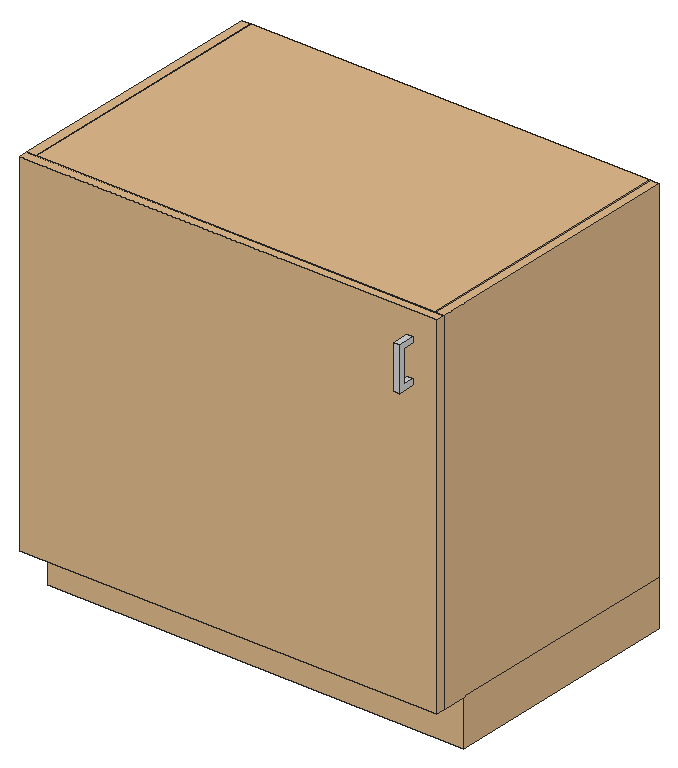
Revit family "121", category Casework, Revit 2022
Family settings
  Work Plane-Based = No
  Always vertical = Yes
  Cut with Voids When Loaded = No
  Shared = No
  Room Calculation Point = No
Parameters (values of type "121")
  URL = "www.wicnet.org/manual_sections.asp"
  Top Panel Material = none
  Toe Panel Material = none
  Side Panel Material = none
  Shelf Panel Material = none
  NAAWS Width = (Width / 1' 0") * 12  # 36
  NAAWS Height = ((Height + Counter Thickness) / 1' 0") * 12  # 36
  NAAWS Depth = (Depth / 1' 0") * 12  # 24
  Model = "121"
  Manufacturer = "Woodwork Institute"
  Door Panel Material = none
  Description = "Base Cabinet w/o Drawers"
  Depth = 2' - 0"
  Height = 2' - 10 1/2"
  Width = 3' - 0"
  Default Elevation = 0' - 0"
  Counter Thickness = 0' - 1 1/2"
  Content Creator URL = "www.AECcontent.com"
  Content Creator = "AECcontent"
  Cab Hardware Finish = none
  Cab Door - Width = (Width / 2) - 0' 0 1/8"  # 1' - 5 7/8"
  Cab Door - Thickness = 0' - 0"
  Cab Door - Style = Cabinet Door_ Flush : Horizontal Center Handle
  Cab Door - Height = Height - 0' 4"  # 2' - 6 1/2"
  Back Panel Material = none
  Assembly Code = "E2010200"
Reference planes (in)
  plane 1 "Back": y = 0
  plane 2 "Center (Left/Right)": x = 0.7377
  plane 3 "Left": x = -17.2623
  plane 4 "Right": x = 18.7377
  plane 5 "Front": y = -24
  plane 6 "Top": z = 34.5
  plane 7: z = 4
  plane 8: z = 19.25
  plane 9: z = 4
  plane 10: y = -21
  plane 11: x = -5.2623
  plane 12: x = 6.7377
Forms (in)
  Extrusion 1, solid, material <- "Side Panel Material"
    sketch origin (-17.2623, 0, 0) x (0, -1, 0) y (0, 0, 1)
      loop
        line (0, 4) -> (23.25, 4) -> (23.25, 34.5) -> (0, 34.5) -> (0, 4)
    from -0.75 to 0
  Extrusion 2, solid, material <- "Side Panel Material"
    sketch origin (18.7377, 0, 0) x (0, -1, 0) y (0, 0, 1)
      loop
        line (23.25, 34.5) -> (0, 34.5) -> (0, 4) -> (23.25, 4) -> (23.25, 34.5)
    from 0 to 0.75
  Extrusion 3, solid, material <- "Top Panel Material"
    sketch origin (0, 0, 34.5) x (0, -1, 0) y (1, 0, 0)
      loop
        line (0, -16.5123) -> (23.25, -16.5123) -> (23.25, 17.9877) -> (0, 17.9877) -> (0, -16.5123)
    from -0.75 to 0
  Extrusion 4, solid, material <- "Back Panel Material"
    sketch origin (0, 0, 0) x (1, 0, 0) y (0, 0, 1)
      loop
        line (17.9877, 33.75) -> (-16.5123, 33.75) -> (-16.5123, 4) -> (17.9877, 4) -> (17.9877, 33.75)
    from 0 to 0.75
  Extrusion 5, solid, material <- "Shelf Panel Material"
    sketch origin (-0.09236, 0, -14.69269) x (1, 0, 0) y (0, 1, 0)
      loop
        line (-16.41994, -0.75) -> (-16.41994, -23.25) -> (18.08006, -23.25) -> (18.08006, -0.75) -> (-16.41994, -0.75)
    from 18.69269 to 19.44531
  Extrusion 6, solid, material <- "Toe Panel Material"
    sketch origin (0, 0, 0) x (1, 0, 0) y (0, 0, 1)
      loop
        line (-17.2623, 4) -> (-17.2623, 0) -> (18.7377, 0) -> (18.7377, 4) -> (-17.2623, 4)
    from 0 to 0.75
  Extrusion 7, solid, material <- "Toe Panel Material"
    sketch origin (18.7377, 0, 0) x (0, -1, 0) y (0, 0, 1)
      loop
        line (21, 4) -> (0, 4) -> (0, 0) -> (21, 0) -> (21, 4)
    from 0 to 0.75
  Extrusion 8, solid, material <- "Toe Panel Material"
    sketch origin (-17.2623, 0, 0) x (0, -1, 0) y (0, 0, 1)
      loop
        line (0, 4) -> (0, 0) -> (21, 0) -> (21, 4) -> (0, 4)
    from 0 to -0.75
  Extrusion 9, solid, material <- "Toe Panel Material"
    sketch origin (0, -21, 3) x (1, 0, 0) y (0, 0, 1)
      loop
        line (-17.2623, 1) -> (-17.2623, -3) -> (18.7377, -3) -> (18.7377, 1) -> (-17.2623, 1)
    from 0 to -0.75
  Extrusion 10, solid, material <- "Door Panel Material"
    sketch origin (0, -24, 0) x (1, 0, 0) y (0, 0, 1)
      loop
        line (-17.2623, 34.5) -> (-17.2623, 4) -> (18.7377, 4) -> (18.7377, 34.5) -> (-17.2623, 34.5)
    from 0 to -0.75
Cuts and joins
  joined: Extrusion 6, Extrusion 7, Extrusion 8, Extrusion 9
Lines and regions (in)
  symbolic lines, style "Elevation Swing"
    curve 1: line (-17.2623, 0, 19.625) -> (-5.6373, 0, 19.625)
    curve 2: line (-17.2623, 0, 18.875) -> (-5.6373, 0, 18.875)
    curve 3: line (18.7377, 0, 34.5) -> (-17.2623, 0, 19.25)
    curve 4: line (-17.2623, 0, 19.25) -> (18.7377, 0, 4)
    curve 5: line (0, -23.25, 19.625) -> (0, -0.75, 19.625)
    curve 6: line (0, -23.25, 18.875) -> (0, -0.75, 18.875)
    curve 7: line (-5.6373, 0, 34.5) -> (-5.6373, 0, 4)
    curve 8: line (7.1127, 0, 34.5) -> (7.1127, 0, 4)
    curve 9: line (-4.8873, 0, 34.5) -> (-4.8873, 0, 4)
    curve 10: line (6.3627, 0, 34.5) -> (6.3627, 0, 4)
    curve 11: line (-4.8873, 0, 19.625) -> (6.3627, 0, 19.625)
    curve 12: line (7.1127, 0, 19.625) -> (17.9877, 0, 19.625)
    curve 13: line (-4.8873, 0, 18.875) -> (6.3627, 0, 18.875)
    curve 14: line (7.1127, 0, 18.875) -> (17.9877, 0, 18.875)
  symbolic lines, style "Plan Rep - Below"
    curve 15: line (-17.2623, 0, 0) -> (18.7377, 0, 0)
    curve 16: line (-17.2623, -24, 0) -> (-17.2623, 0, 0)
    curve 17: line (18.7377, -24, 0) -> (-17.2623, -24, 0)
    curve 18: line (18.7377, 0, 0) -> (18.7377, -24, 0)
Dimensions and locks (in)
  "Depth": plane 5 "Front" to plane 1 "Back"
  "Width": plane 3 "Left" to plane 4 "Right"
  equal spacing: plane 3 "Left", plane 2 "Center (Left/Right)", plane 4 "Right"
  "Height": level to plane 6 "Top"
  equal spacing: plane 6 "Top", plane 8, plane 7
  locked: plane 5 "Front" to plane 10 at 3
  equal spacing: plane 3 "Left", plane 11, plane 12, plane 4 "Right"
  locked: curve 7 to curve 9 at 0.75
  locked: curve 10 to curve 8 at 0.75
  locked: nested 1 to plane 4 "Right" at 2.25
  locked: nested 1 to plane 6 "Top" at 2.25
  locked: plane 9 to level at 4
  aligned and locked: Extrusion 2 sketch curve to Extrusion 1  (x2)
  aligned and locked: Extrusion 6 sketch curve to plane 3 "Left"
  aligned and locked: plane 4 "Right" to Extrusion 6 sketch curve
  aligned and locked: Extrusion 2 to Extrusion 4 sketch curve
  aligned and locked: Extrusion 4 sketch curve to Extrusion 3
  aligned and locked: Extrusion 1 to Extrusion 4 sketch curve
  aligned and locked: Extrusion 6 to Extrusion 4 sketch curve
  aligned and locked: Extrusion 9 sketch curve to plane 3 "Left"
  aligned and locked: plane 4 "Right" to Extrusion 9 sketch curve
  aligned and locked: plane 5 "Front" to nested 1
  aligned and locked: curve 1 to curve 11
  aligned and locked: curve 2 to curve 13
  aligned and locked: curve 13 to curve 14
  aligned and locked: curve 11 to curve 12
Automatic sketch dimensions
  Extrusion 6 sketch curve to level = 0' - 0"
  Extrusion 6 sketch curve to plane 7 = 0' - 0"
  Extrusion 7 sketch curve to plane 1 "Back" = 0' - 0"
  Extrusion 7 sketch curve to level = 0' - 0"
  Extrusion 7 sketch curve to plane 10 = 0' - 0"
  Extrusion 7 sketch curve to plane 7 = 0' - 0"
  Extrusion 8 sketch curve to level = 0' - 0"
  Extrusion 8 sketch curve to plane 1 "Back" = 0' - 0"
  Extrusion 8 sketch curve to plane 10 = 0' - 0"
  Extrusion 8 sketch curve to plane 7 = 0' - 0"
  Extrusion 9 sketch curve to level = 0' - 0"
  Extrusion 9 sketch curve to plane 7 = 0' - 0"
  Extrusion 10 sketch curve to plane 3 "Left" = 0' - 0"
  Extrusion 10 sketch curve to plane 4 "Right" = 0' - 0"
  Extrusion 10 sketch curve to plane 7 = 0' - 0"
  Extrusion 10 sketch curve to plane 6 "Top" = 0' - 0"
  Extrusion 1 sketch curve to plane 1 "Back" = 0' - 0"
  Extrusion 1 sketch curve to plane 6 "Top" = 0' - 0"
  Extrusion 1 sketch curve to plane 7 = 0' - 0"
  Extrusion 1 sketch curve to plane 5 "Front" = 0' - 0 3/4"
  Extrusion 2 sketch curve to plane 7 = 0' - 0"
  Extrusion 2 sketch curve to plane 5 "Front" = 0' - 0 3/4"
  Extrusion 3 sketch curve to plane 1 "Back" = 0' - 0"
  Extrusion 3 sketch curve to plane 5 "Front" = 0' - 0 3/4"
  Extrusion 3 sketch curve to plane 3 "Left" = 0' - 0 3/4"
  plane 4 "Right" to Extrusion 3 sketch curve = 0' - 0 3/4"
  Extrusion 5 sketch curve to plane 3 "Left" = 0' - 0 3/4"
  plane 4 "Right" to Extrusion 5 sketch curve = 0' - 0 3/4"
  Extrusion 5 sketch curve to plane 5 "Front" = 0' - 0 3/4"
  curve 6 to plane 5 "Front" = 0' - 0 3/4"
  curve 5 to plane 5 "Front" = 0' - 0 3/4"
  plane 1 "Back" to curve 5 = 0' - 0 3/4"
  plane 1 "Back" to curve 6 = 0' - 0 3/4"
  plane 1 "Back" to Extrusion 5 sketch curve = 0' - 0 3/4"
  curve 5 to plane 8 = 0' - 0 3/8"
  plane 8 to curve 6 = 0' - 0 3/8"
  curve 1 to plane 3 "Left" = 0' - 0"
  curve 4 to plane 3 "Left" = 0' - 0"
  curve 2 to plane 3 "Left" = 0' - 0"
  curve 7 to plane 6 "Top" = 0' - 0"
  curve 7 to plane 7 = 0' - 0"
  curve 9 to plane 7 = 0' - 0"
  curve 9 to plane 6 "Top" = 0' - 0"
  curve 10 to plane 6 "Top" = 0' - 0"
  curve 10 to plane 7 = 0' - 0"
  curve 8 to plane 6 "Top" = 0' - 0"
  curve 8 to plane 7 = 0' - 0"
  curve 4 to plane 4 "Right" = 0' - 0"
  curve 3 to plane 4 "Right" = 0' - 0"
  curve 4 to plane 7 = 0' - 0"
  curve 3 to plane 8 = 0' - 0"
  curve 3 to plane 6 "Top" = 0' - 0"
  plane 11 to curve 2 = 0' - 0 3/8"
  plane 12 to curve 11 = 0' - 0 3/8"
  plane 4 "Right" to curve 12 = 0' - 0 3/4"
  plane 4 "Right" to curve 14 = 0' - 0 3/4"
  plane 8 to curve 14 = 0' - 0 3/8"
  curve 1 to plane 8 = 0' - 0 3/8"
  curve 17 to plane 3 "Left" = 0' - 0"
  curve 17 to plane 4 "Right" = 0' - 0"
  curve 17 to plane 5 "Front" = 0' - 0"
  curve 16 to plane 1 "Back" = 0' - 0"
Nested families (in)
  nested 1: "Handle-Ver-Sqr" at (15.87954, -24, 30.625), type "Handle-Ver-Sqr"
Definition of nested family "Handle-Ver-Sqr"
  Parameters
    Handle Material = none
    Default Elevation = 0' - 0"
  Reference planes (in)
    plane 1 "Center (Front/Back)": y = 0
    plane 2: z = 0
    plane 3 "Center (Left/Right)": x = 0.60816
    plane 4: y = -1.25
    plane 5: z = 1.625
    plane 6: z = -1.625
  Forms (in)
    Sweep 1, solid, material <- "Handle Material"
      path origin (0.60816, 0, 0) x (0, 1, 0) y (0, 0, 1)
        loop
          line (0, 1.625) -> (-1.25, 1.625) -> (-1.25, -1.625) -> (0, -1.625)
      profile origin (0, -0.625, 0) x (0, 0, -1) y (1, 0, 0)
        loop
          line (-1.625, 0.35816) -> (-1.37545, 0.35816) -> (-1.37545, 0.84661) -> (-1.87426, 0.84661) -> (-1.87426, 0.35816) -> (-1.625, 0.35816)
  Dimensions and locks (in)
    locked: plane 6 to plane 5 at 3.25
    aligned and locked: Sweep 1 sketch curve to plane 5
    aligned and locked: plane 6 to Sweep 1 sketch curve
